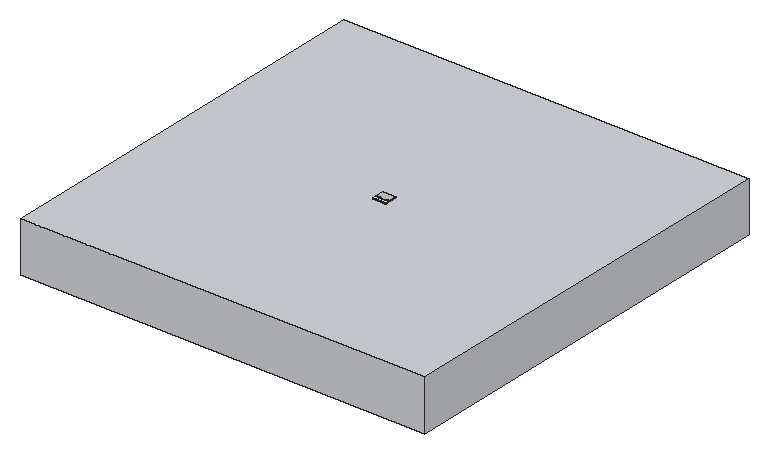
Revit family "SABIK LED", category Oprawy oświetleniowe, Revit 2014
Parameters (values of type "SABIK LED WW")
  built-in parameter 1150105 = 153.49 (stored number, unit not read)
  Dimming Lamp Color Temperature Shift = (empty or 0)
  built-in parameter 1150139 = (empty or 0)
  Współczynnik mocy = 1
  Waga = 0.092 kg  # constant formula
  built-in parameter 1150133 = 10 (stored number, unit not read)
  built-in parameter 1150109 = 1 (stored number, unit not read)
  built-in parameter 1114218 = 1 (stored number, unit not read)
  built-in parameter 1150110 = 1 (stored number, unit not read)
  built-in parameter 1150112 = 1 (stored number, unit not read)
  built-in parameter 1150113 = 1 (stored number, unit not read)
  URL = "www.kanlux.pl"
  Lumens = 13 lm
  built-in parameter 1150104 = 1.5097 (stored number, unit not read)
  Producent = "Kanlux"  # constant formula
  built-in parameter 1150107 = 3000 (stored number, unit not read)
  Plik sieci fotometrycznej = "SABIK LED.ies"
  Tilt Angle = 180.00°  # constant formula
  built-in parameter 1150115 = 1 (stored number, unit not read)
  Apparent Load = Moc / Współczynnik mocy  # 0.8 VA
  built-in parameter 1150106 = 1.5349 (stored number, unit not read)
  Model = "SABIK LED"  # constant formula
  Moc w watach - komentarze = "0.8"
  Wattage = 0.8 W
  Moc = 0.8 W
  built-in parameter 1150137 = (empty or 0)
  built-in parameter 1150132 = 2
  Materiał obudowa 2 = Kanlux - stal nierdzewna szczotkowana
  Materiał obudowa = Kanlux - tworzywo sztuczne
  Lampa = "LED"
  built-in parameter 1150134 = (empty or 0)
  built-in parameter 1150138 = (empty or 0)
  Kod = "23108"
  Klasyfikacja obciążenia = Oświetlenie
  built-in parameter 1150102 = (empty or 0)
  IP = "IP20"  # constant formula
  Color Filter = 16777215
  Default Elevation = 0 mm
  built-in parameter 1150114 = 1 (stored number, unit not read)
  built-in parameter 1114217 = 1 (stored number, unit not read)
  built-in parameter 1150142 = "IESNA91\r\n[TEST] 2015.08.27/Kanlux SABIK\r\n[MANUFAC]  KANLUX S.A.\r\n[LUMCAT] (kat 23108)\r\n[LUMINAIRE] SABIK LED\r\n[LAMP] 1x(SABIK LED WW 1W 13lm ciepłobiała/3000K) or 1x(SABIK LED CW 1W 15lm zimnobiała/6500K)\r\nTILT=NONE\r\n1 13 0.013 181 13 1 2 0.075 0.075 0.006\r\n1 1 1\r\n0 1 2 3 4 5 6 7 8 9 10 11 12 13 14 15 16 17 18 19 20 21 22 \r\n23 24 25 26 27 28 29 30 31 32 33 34 35 36 37 38 39 40 41 42 \r\n43 44 45 46 47 48 49 50 51 52 53 54 55 56 57 58 59 60 61 62 \r\n63 64 65 66 67 68 69 70 71 72 73 74 75 76 77 78 79 80 81 82 \r\n83 84 85 86 87 88 89 90 91 92 93 94 95 96 97 98 99 100 101 \r\n102 103 104 105 106 107 108 109 110 111 112 113 114 115 116 \r\n117 118 119 120 121 122 123 124 125 126 127 128 129 130 131 \r\n132 133 134 135 136 137 138 139 140 141 142 143 144 145 146 \r\n147 148 149 150 151 152 153 154 155 156 157 158 159 160 161 \r\n162 163 164 165 166 167 168 169 170 171 172 173 174 175 176 \r\n177 178 179 180 \r\n0 15 30 45 60 75 90 105 120 135 150 165 180 \r\n45.3 45.3 47.9 47.9 51.8 53.1 57 57 58.3 62.2 63.5 66.1 \r\n67.3 71.2 76.4 76.4 79 81.6 85.5 89.4 91.9 94.5 98.4 102.3 \r\n106.2 110.1 112.7 117.8 121.7 126.9 132.1 134.7 139.9 142.4 \r\n147.6 151.5 156.7 159.3 163.2 167.1 170.9 174.8 178.7 181.3 \r\n185.2 187.8 191.7 193 195.6 196.8 199.4 200.7 204.6 204.6 \r\n204.6 205.9 205.9 205.9 204.6 205.9 204.6 204.6 203.3 202 \r\n200.7 198.1 196.8 196.8 191.7 190.4 189.1 186.5 182.6 180 \r\n174.8 172.2 169.6 163.2 159.3 154.1 150.2 142.4 137.3 129.5 \r\n121.7 114 104.9 94.5 82.9 72.5 66.1 64.8 63.5 63.5 62.2 \r\n60.9 57 57 54.4 53.1 51.8 49.2 47.9 45.3 45.3 42.7 40.2 \r\n38.8 37.6 35 33.7 31.1 29.8 27.2 24.6 23.3 20.7 19.4 16.8 \r\n15.5 12.9 10.4 7.8 6.5 5.2 2.6 1.3 0 0 0 0 0 0 0 0 0 0 0 0 \r\n0 0 0 0 0 0 0 0 0 0 0 0 0 0 0 0 0 0 0 0 0 0 0 0 0 0 0 0 0 0 \r\n0 0 0 0 0 0 0 0 0 0 0 0 \r\n47.3 49.2 49.9 53.1 53.7 56.3 58.3 60.2 62.2 64.8 66.7 69.3 \r\n71.9 75.1 77.7 80.3 83.5 86.8 91.3 93.9 97.1 101 104.3 \r\n108.8 112.7 117.2 120.4 125.6 129.5 134.7 138.6 143.8 147 \r\n153.5 156.1 161.2 166.4 170.3 174.2 177.4 182.6 185.8 189.1 \r\n193 196.2 198.1 202 204 205.9 209.1 210.4 211.7 213 214.3 \r\n215 216.3 216.9 216.3 215.6 215.6 215.6 213 214.3 212.4 \r\n210.4 207.9 206.6 204.6 203.3 200.1 198.1 195.6 192.3 188.4 \r\n184.5 180 176.1 170.9 165.8 159.3 152.8 145.7 137.9 129.5 \r\n119.1 110.1 103.6 97.8 91.3 85.5 81.6 80.3 78.3 77.1 75.8 \r\n74.5 71.2 69.3 66.7 65.4 64.1 62.8 59.6 57 55.7 53.7 50.5 \r\n48.6 46.6 44.7 42.7 40.2 38.2 35.6 33 30.4 29.1 27.2 24.6 \r\n22 20.1 18.1 15.5 14.3 11.7 9.7 7.1 5.2 3.2 1.3 0 0 0 0 0 0 \r\n0 0 0 0 0 0 0 0 0 0 0 0 0 0 0 0 0 0 0 0 0 0 0 0 0 0 0 0 0 0 \r\n0 0 0 0 0 0 0 0 0 0 0 0 0 0 0 \r\n47.3 47.3 49.2 51.2 53.7 55.7 57.6 60.2 62.2 64.8 66.7 69.9 \r\n72.5 75.1 77.7 80.9 84.2 87.4 91.3 93.9 97.1 100.4 104.3 \r\n109.4 112.7 117.2 121.1 125 129.5 134.7 139.2 143.1 148.3 \r\n152.2 157.3 161.2 165.1 170.3 174.2 178.1 181.9 185.2 189.7 \r\n194.3 196.8 200.7 202.7 206.6 209.1 211.7 212.4 215.6 218.2 \r\n219.5 220.2 221.4 222.1 223.4 224 224.7 224.7 223.4 224 \r\n222.7 222.7 221.4 220.1 218.9 218.9 217.6 214.3 213.7 211.1 \r\n209.1 205.3 203.3 199.4 195.5 191.7 186.5 181.3 175.5 167.7 \r\n160.6 152.2 143.8 137.3 131.4 126.3 119.8 113.3 111.4 109.4 \r\n106.8 104.3 101 99.1 96.5 93.2 90 87.4 84.2 80.9 77.7 75.8 \r\n71.9 69.3 65.4 63.5 59.6 57 53.7 51.2 47.9 45.3 42.7 40.1 \r\n37.6 35.6 32.4 29.8 27.2 24.6 22.7 20.7 18.1 16.8 12.9 11.7 \r\n8.4 5.8 4.5 1.9 0.6 0 0 0 0 0 0 0 0 0 0 0 0 0 0 0 0 0 0 0 0 \r\n0 0 0 0 0 0 0 0 0 0 0 0 0 0 0 0 0 0 0 0 0 0 0 0 0 0 0 \r\n47.3 47.9 49.9 50.5 52.4 55 57.6 58.3 60.9 63.5 66.1 68.6 \r\n70.6 72.5 76.4 78.4 82.2 84.8 87.4 90.7 93.9 97.1 101 104.3 \r\n107.5 111.4 115.9 119.8 123.7 127.6 130.8 134.7 139.2 144.4 \r\n148.3 152.2 155.4 159.9 164.5 167.7 171.6 174.2 178.1 181.9 \r\n185.2 188.4 191 193.6 196.8 198.8 200.7 203.3 205.3 207.2 \r\n207.9 209.1 210.4 211.7 212.4 213.7 213.7 214.3 215 215 \r\n215.6 215 215.6 214.3 214.3 214.3 214.3 213 212.4 211.1 \r\n210.4 209.8 207.9 205.9 202.7 200.1 196.8 191.7 187.1 181.3 \r\n175.5 169 162.5 158 153.5 147 140.5 136.6 134 131.4 128.2 \r\n125.6 121.7 116.6 113.3 108.8 104.9 99.7 95.8 91.3 87.4 \r\n82.9 79.6 76.4 72.5 69.3 64.8 62.2 58.3 55.7 52.4 49.9 46.6 \r\n43.4 40.8 38.2 35.6 33 30.4 27.2 24.6 22 19.4 16.8 14.9 \r\n12.9 9.7 8.4 5.8 4.5 1.3 0.6 0 0 0 0 0 0 0 0 0 0 0 0 0 0 0 \r\n0 0 0 0 0 0 0 0 0 0 0 0 0 0 0 0 0 0 0 0 0 0 0 0 0 0 0 0 0 0 \r\n46.6 47.3 48.6 49.9 52.4 53.7 55 57 59.6 61.5 62.8 64.1 \r\n67.3 69.9 71.9 74.5 76.4 78.3 81.6 84.2 86.8 90 93.2 95.8 \r\n98.4 101.7 104.9 107.5 111.4 114 117.2 120.4 123.7 126.3 \r\n129.5 133.4 136.6 139.9 142.5 145.7 148.3 150.9 154.1 156.7 \r\n158.6 160.6 162.5 165.1 166.4 169 169.6 170.9 172.9 174.8 \r\n174.8 176.1 176.8 178.1 178.1 178.7 178.7 180 178.7 179.4 \r\n179.4 178.1 180.7 179.4 179.4 178.7 178.7 178.1 177.4 178.1 \r\n176.8 176.1 174.8 174.2 172.2 171.6 169 166.4 163.8 161.2 \r\n156.7 152.2 147.6 145 142.4 138.6 133.4 128.9 126.9 123.7 \r\n121.7 117.2 114 110.1 105.5 101 97.1 92.6 88.1 84.2 79.6 \r\n77.1 73.2 69.9 64.8 62.2 59.6 56.3 53.1 49.9 47.9 45.3 42.7 \r\n38.8 36.9 35 31.7 29.8 27.2 24.6 22 20.7 18.1 16.8 14.3 11 \r\n8.4 7.1 4.5 2.6 1.3 0 0 0 0 0 0 0 0 0 0 0 0 0 0 0 0 0 0 0 0 \r\n0 0 0 0 0 0 0 0 0 0 0 0 0 0 0 0 0 0 0 0 0 0 0 0 0 0 \r\n47.3 47.9 48.6 49.2 50.5 52.4 53.7 55 56.3 57.6 58.9 61.5 \r\n62.8 64.8 66.7 68.6 70.6 71.9 75.1 76.4 78.4 80.3 82.9 84.8 \r\n87.4 89.4 91.3 92.6 95.8 97.1 99.7 101.7 103.6 106.2 108.8 \r\n110.1 113.3 115.3 115.9 117.8 120.4 122.4 123.7 125 126.3 \r\n127.6 128.9 129.5 129.5 130.8 131.4 132.7 132.7 133.4 133.4 \r\n133.4 132.7 133.4 132.7 132.1 132.7 131.4 131.4 130.8 130.1 \r\n129.5 129.5 128.9 128.2 127.6 126.9 126.3 125 123.7 123 \r\n121.7 120.4 119.1 117.8 117.2 115.9 114 111.4 110.1 107.5 \r\n104.3 101.7 100.4 99.1 96.5 94.5 90.7 88.7 86.1 84.2 82.2 \r\n78.3 75.8 73.2 70.6 67.3 64.1 60.9 58.9 56.3 52.4 51.2 49.2 \r\n46 44 42.7 40.1 38.9 36.9 34.3 33 31.1 29.8 27.8 25.9 23.3 \r\n22 20.7 17.5 16.2 13.6 12.3 10.4 8.4 7.1 4.5 1.9 1.3 1.3 0 \r\n0 0 0 0 0 0 0 0 0 0 0 0 0 0 0 0 0 0 0 0 0 0 0 0 0 0 0 0 0 0 \r\n0 0 0 0 0 0 0 0 0 0 0 0 0 0 0 0 \r\n47.9 46.6 47.9 48.6 48.6 49.2 50.5 51.8 53.1 54.4 55 55.7 \r\n57 57.6 59.6 60.9 63.5 64.1 65.4 66 67.3 68.6 69.9 71.2 \r\n72.5 73.8 75.1 77.1 78.4 80.3 81.6 82.9 83.5 85.5 86.8 87.4 \r\n88.1 89.4 91.3 91.9 91.9 93.9 94.5 94.5 95.8 96.5 96.5 95.8 \r\n97.1 96.5 96.5 96.5 97.1 96.5 95.8 95.8 95.2 94.5 93.2 91.9 \r\n93.2 91.9 90.7 89.4 89.4 87.4 87.4 84.8 84.2 82.2 81.6 79.6 \r\n78.3 76.4 75.1 73.2 69.9 68 66 64.1 60.2 57.6 55 51.2 48.6 \r\n44.7 40.8 38.2 35.6 33.7 31.7 29.8 27.8 27.2 27.8 26.5 26.5 \r\n27.2 27.2 27.2 27.2 26.5 27.2 26.5 27.2 27.2 26.5 25.3 25.3 \r\n25.9 24 24.6 22 22.7 20.7 20.1 18.8 18.8 16.8 14.9 14.9 \r\n12.9 11.7 10.4 8.4 7.1 5.8 3.9 1.9 1.3 0 0 0 0 0 0 0 0 0 0 \r\n0 0 0 0 0 0 0 0 0 0 0 0 0 0 0 0 0 0 0 0 0 0 0 0 0 0 0 0 0 0 \r\n0 0 0 0 0 0 0 0 0 0 0 \r\n47.3 46.6 46.6 47.3 47.9 48.6 48.6 49.9 50.5 51.8 52.4 53.7 \r\n55 56.3 57 58.9 58.3 60.2 62.2 62.8 63.5 64.8 65.4 68 68.6 \r\n69.9 70.6 72.5 73.2 75.1 75.8 77.1 78.4 79 80.3 80.9 82.9 \r\n83.5 83.5 84.8 86.1 86.8 86.8 87.4 88.1 87.4 88.7 89.4 89.4 \r\n90 90 90.7 90.7 90 90.7 90 90.6 90.6 90.6 90 89.4 90 90.6 \r\n89.4 89.4 88.7 90 89.4 89.4 89.4 90 90 90 90 90.7 90.7 90 \r\n90.7 90.7 90.7 90.7 90.7 90 89.4 89.4 89.4 88.7 88.7 87.4 \r\n88.1 86.8 86.8 84.8 83.5 82.9 80.9 79.6 77.7 75.1 73.2 69.3 \r\n67.3 63.5 61.5 58.9 55.7 53.7 51.8 49.2 47.3 45.3 43.4 42.7 \r\n40.2 38.8 36.9 35 33.7 31.7 29.8 27.8 25.9 24.6 22.7 21.4 \r\n18.1 16.8 14.9 14.9 11 10.4 7.8 5.8 3.2 1.3 0.6 0 0 0 0 0 0 \r\n0 0 0 0 0 0 0 0 0 0 0 0 0 0 0 0 0 0 0 0 0 0 0 0 0 0 0 0 0 0 \r\n0 0 0 0 0 0 0 0 0 \r\n46.6 46.6 46 46 46.6 47.9 47.3 47.9 49.2 50.5 51.2 51.8 \r\n53.1 54.4 55 56.3 57.6 58.3 59.6 60.2 62.2 63.5 64.1 66 \r\n66.7 68 68.6 69.9 71.2 72.5 74.5 75.1 75.8 77.7 78.3 79 \r\n80.3 81.6 81.6 82.2 83.5 84.8 85.5 86.1 87.4 88.1 88.7 90 \r\n89.4 91.3 90.7 92.6 91.9 92.6 94.5 94.5 93.9 95.2 95.2 96.5 \r\n97.1 97.8 98.4 99.7 101 101 101.7 103.6 104.9 106.8 107.5 \r\n110.1 112.7 114 115.9 118.5 121.1 123 125.6 128.2 130.2 \r\n132.7 134.7 136.6 137.9 140.5 141.8 143.1 143.7 144.4 144.4 \r\n142.5 143.1 140.5 137.9 135.3 132.1 127.6 122.4 118.5 114.6 \r\n108.1 103 98.4 94.5 90 84.8 81.6 77.1 72.5 69.3 66.1 62.2 \r\n59.6 57 53.7 51.2 48.6 46 42.7 40.8 38.2 36.3 33.7 31.7 \r\n29.1 26.5 24.6 22 20.1 17.5 15.5 12.9 10.4 9.1 6.5 3.9 1.9 \r\n0.6 0 0 0 0 0 0 0 0 0 0 0 0 0 0 0 0 0 0 0 0 0 0 0 0 0 0 0 0 \r\n0 0 0 0 0 0 0 0 0 0 0 0 0 0 \r\n47.3 46 46 46 46.6 46.6 46.6 47.3 48.6 49.2 51.2 51.8 52.4 \r\n53.7 54.4 55.7 57 58.3 58.9 59.6 60.2 61.5 62.2 64.1 64.8 \r\n66 67.3 67.3 69.3 69.9 71.2 71.2 73.2 74.5 75.1 76.4 77.7 \r\n79 79.6 80.9 82.2 82.9 83.5 84.8 85.5 86.1 87.4 88.1 89.4 \r\n90 90.7 91.3 92.6 92.6 93.9 94.5 95.2 95.8 97.1 98.4 98.4 \r\n99.7 100.4 102.3 103 104.9 106.8 107.5 109.4 112 114 116.6 \r\n117.9 121.1 123 125.6 128.9 132.1 134 138.6 141.2 143.8 \r\n146.3 148.9 151.5 154.1 156.1 156.7 158 158.6 158.6 158.6 \r\n157.3 156.1 153.5 150.9 148.9 143.8 139.9 134.7 130.1 125 \r\n119.1 113.3 108.8 103.6 99.1 95.2 89.4 85.5 81.6 76.4 73.2 \r\n69.9 66.1 62.8 59.6 57 53.1 50.5 47.3 44 40.8 38.9 36.3 \r\n33.7 31.7 28.5 25.3 24 20.7 18.8 16.2 14.3 11.7 9.1 6.5 4.5 \r\n1.9 1.3 0 0 0 0 0 0 0 0 0 0 0 0 0 0 0 0 0 0 0 0 0 0 0 0 0 0 \r\n0 0 0 0 0 0 0 0 0 0 0 0 0 0 0 \r\n47.3 46 44.7 44 44.7 44 45.3 46 47.3 47.9 48.6 49.9 49.9 \r\n51.8 52.4 52.4 53.7 55 55 56.3 57.6 58.9 59.6 60.2 60.9 \r\n61.5 62.8 64.1 64.8 66.7 67.3 68 68.6 70.6 71.2 71.9 72.5 \r\n73.8 74.5 75.8 76.4 77.1 78.3 79.6 80.3 80.9 81.6 81.6 82.2 \r\n84.2 83.5 84.8 86.1 86.8 87.4 87.4 88.1 88.7 89.4 90.7 90.7 \r\n91.9 92.6 93.2 93.2 94.5 95.8 97.8 99.1 99.7 101 103 104.3 \r\n106.2 108.1 110.1 112 115.3 115.9 119.8 121.1 123 126.3 \r\n127.6 129.5 131.4 132.1 134.7 136 136 135.3 136 136.6 134.7 \r\n133.4 130.8 128.9 126.3 123 119.1 115.3 111.4 106.2 102.3 \r\n96.5 92.6 88.1 84.8 80.3 76.4 72.5 69.3 66 62.2 58.3 55.7 \r\n52.4 49.9 47.3 44.7 41.4 38.2 36.3 34.3 31.7 29.1 25.9 24 \r\n22 19.4 16.8 14.2 12.3 9.7 7.8 5.8 3.9 1.9 1.3 0 0 0 0 0 0 \r\n0 0 0 0 0 0 0 0 0 0 0 0 0 0 0 0 0 0 0 0 0 0 0 0 0 0 0 0 0 0 \r\n0 0 0 0 0 0 \r\n47.3 46 46 45.3 46 44.7 45.3 45.3 46 47.3 47.9 47.9 48.6 \r\n49.2 49.9 51.2 51.2 52.4 53.1 53.1 54.4 55 55 56.3 57 58.3 \r\n58.9 59.6 61.5 61.5 62.2 62.8 64.1 64.1 65.4 66 66.7 67.3 \r\n68 68.6 69.3 70.6 70.6 71.2 71.9 72.5 73.2 73.2 73.8 73.8 \r\n75.1 75.8 75.1 75.8 75.8 76.4 77.1 76.4 77.1 77.7 78.3 77.7 \r\n77.7 79 79.6 79 80.3 80.9 81.6 82.2 82.9 82.9 84.2 86.1 \r\n85.5 86.8 88.1 89.4 90.6 91.3 92.6 93.9 94.5 95.8 97.1 97.1 \r\n98.4 99.1 99.7 99.7 100.4 100.4 99.7 99.1 98.4 97.8 97.1 \r\n94.5 92.6 90 87.4 83.5 80.3 78.3 73.8 71.2 67.3 65.4 60.9 \r\n57.6 55.7 51.8 49.2 46.6 44.7 42.1 39.5 36.3 34.3 33 29.8 \r\n29.1 25.3 24 22 19.4 17.5 16.2 14.3 11.7 10.4 8.4 5.8 3.9 \r\n1.9 1.3 0 0 0 0 0 0 0 0 0 0 0 0 0 0 0 0 0 0 0 0 0 0 0 0 0 0 \r\n0 0 0 0 0 0 0 0 0 0 0 0 0 0 0 0 0 0 0 \r\n45.3 44 44 44 44 44 41.4 45.3 45.3 46.6 45.3 46.6 45.3 47.9 \r\n47.9 49.2 49.2 50.5 50.5 50.5 50.5 51.8 51.8 51.8 53.1 53.1 \r\n55.7 55.7 55.7 57 57 58.3 57 59.6 59.6 59.6 60.9 59.6 59.6 \r\n62.2 62.2 62.2 62.2 63.5 63.5 63.5 64.8 64.8 64.8 66.1 64.8 \r\n66.1 66.1 66.1 66.1 66.1 66.1 67.3 66.1 66.1 64.8 66.1 66.1 \r\n66.1 66.1 67.3 67.3 67.3 67.3 68.6 68.6 69.9 69.9 69.9 71.2 \r\n71.2 73.8 75.1 73.8 75.1 76.4 77.7 77.7 79 79 80.3 81.6 \r\n80.3 80.3 80.3 80.3 80.3 80.3 80.3 79 76.4 75.1 72.5 69.9 \r\n68.6 64.8 62.2 59.6 55.7 53.1 50.5 46.6 44 42.7 38.8 36.3 \r\n35 32.4 29.8 28.5 25.9 24.6 22 20.7 18.1 15.5 14.3 14.3 \r\n10.4 9.1 7.8 6.5 3.9 2.6 0 0 0 0 0 0 0 0 0 0 0 0 0 0 0 0 0 \r\n0 0 0 0 0 0 0 0 0 0 0 0 0 0 0 0 0 0 0 0 0 0 0 0 0 0 0 0 0 0 \r\n0 0 0 0 0 \r\n"
Types (3, lengths in mm): name | built-in parameter 1150105 | Lumens | built-in parameter 1150104 | built-in parameter 1150107 | built-in parameter 1150106 | built-in parameter 1150134 | Kod
  (no name) | 153.49 (stored number, unit not read) | 13 lm | 1.5097 (stored number, unit not read) | 3000 (stored number, unit not read) | 1.5349 (stored number, unit not read) | (empty or 0) | "23108"
  SABIK LED WW | 153.49 (stored number, unit not read) | 13 lm | 1.5097 (stored number, unit not read) | 3000 (stored number, unit not read) | 1.5349 (stored number, unit not read) | (empty or 0) | "23108"
  SABIK LED CW | 177.1 (stored number, unit not read) | 15 lm | 1.7419 (stored number, unit not read) | 6500 (stored number, unit not read) | 1.771 (stored number, unit not read) | 1 | "23110"
Reference planes
  plane 1 "Środek (Przód/Tył)": y = 0
  plane 2: z = 0
  plane 3 "Środek (Lewa/Prawa)": x = 0
Forms (mm)
  Extrusion 1, solid
    sketch origin (0, 0, 0) x (1, 0, 0) y (0, 1, 0)
      loop
        line (-1219.2, 1219.2) -> (-1219.2, -1219.2) -> (1219.2, -1219.2) -> (1219.2, 1219.2) -> (-1219.2, 1219.2)
    from 0 to -304.8
  Extrusion 2, solid, material "Kanlux - tworzywo sztuczne" <- "Materiał obudowa"
    sketch origin (0, 0, 0) x (1, 0, 0) y (0, 1, 0)
      loop
        line (-37.5, -37.5) -> (37.5, -37.5) -> (37.5, 37.5) -> (-37.5, 37.5) -> (-37.5, -37.5)
    from 1 to 6
  Extrusion 3, solid, material "Kanlux - stal nierdzewna szczotkowana" <- "Materiał obudowa 2"
    sketch origin (0, 0, 0) x (1, 0, 0) y (0, 1, 0)
      loop
        line (-37.5, 37.5) -> (-37.5, -13.5) -> (-17.5, -13.5) -> (-17.5, -16.5) -> (17.5, -16.5) -> (17.5, -13.5) -> (37.5, -13.5) -> (37.5, 37.5) -> (-37.5, 37.5)
    from 6 to 7
  Extrusion 4, solid, material "Kanlux - stal nierdzewna szczotkowana" <- "Materiał obudowa 2"
    sketch origin (0, 0, 0) x (1, 0, 0) y (0, 1, 0)
      loop
        line (-37.5, -37.5) -> (37.5, -37.5) -> (37.5, 37.5) -> (-37.5, 37.5) -> (-37.5, -37.5)
    from 0 to 1
Dimensions and locks
  aligned and locked: plane 2 to Extrusion 1
  aligned and locked: level to Extrusion 1
Connectors
  electrical at (0, 0, 0), driven by "Klasyfikacja obciążenia", driven by "Apparent Load", driven by "Współczynnik mocy"
    settings: on Extrusion 1, index 1, voltage 24 V, apparent load 0.8 VA, apparent load phase1 0 VA, apparent load phase2 0 VA, apparent load phase3 0 VA, power factor 1, load classification "Oświetlenie", number of poles 1, system type 30, power factor state 1, is connector primary yes, connector utility no, sub classification motor no, connector description ""
